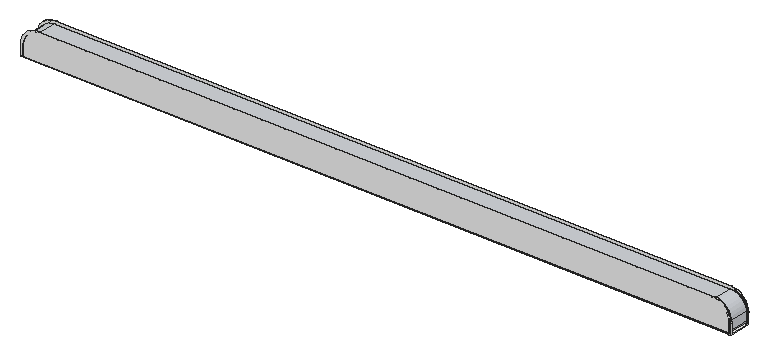
Revit family "BWY", category Lighting Fixtures, host Face, Revit 2023
Family settings
  Host = Face
  Round Connector Dimension = Use Diameter
  Part Type = Normal
  OmniClass Number = 23.80.70.11.14.11
  OmniClass Title = Downlights
  Cut with Voids When Loaded = No
  Light Source = Yes
  Maintain Annotation Orientation = No
  Shared = No
  Room Calculation Point = No
Parameters (values of type "BWY4-P72-LED840K10LFUNV")
  Width = 0' - 2"
  Wattage = 45 W
  built-in parameter 1150110 = 1 (stored number, unit not read)
  Voltage = 120 V
  URL = "https://viscor.com/products/beamway"
  built-in parameter 1114217 = 0.9 (stored number, unit not read)
  Tilt Angle = -90.00°
  built-in parameter 1150109 = 1 (stored number, unit not read)
  built-in parameter 1150134 = 12
  built-in parameter 1150113 = 1 (stored number, unit not read)
  Photometric Web File = "BWY4-P72-LED840K010LFUNV.ies"
  Model = "BWY"  # constant formula
  Manufacturer = "Visioneering By Viscor"  # constant formula
  built-in parameter 1150105 = 482.72 (stored number, unit not read)
  Lumens = 6066 lm
  built-in parameter 1150115 = 1 (stored number, unit not read)
  built-in parameter 1150137 = (empty or 0)
  built-in parameter 1150139 = (empty or 0)
  Lens Finish = Frosted Acrylic Lens
  Length = 5' - 6 1/4"
  Lamp Wattage = 45 VA
  built-in parameter 1150112 = 1 (stored number, unit not read)
  built-in parameter 1150114 = 1 (stored number, unit not read)
  Lamp = "LED"
  built-in parameter 1150132 = (empty or 0)
  built-in parameter 1150102 = (empty or 0)
  built-in parameter 1150107 = 4000 (stored number, unit not read)
  built-in parameter 1150138 = (empty or 0)
  built-in parameter 1150106 = 4.8272 (stored number, unit not read)
  Housing Finish = Metal - Viscor - White
  Emit from Line Length = Length  # 5' - 6 1/4"
  built-in parameter 1150104 = 12.523 (stored number, unit not read)
  Dimming Lamp Color Temperature Shift = <None>
  Description = "Suspended Architectual Linear luminaire"  # constant formula
  Default Elevation = 4' - 0"
  Color Filter = 16777215
  built-in parameter 1114218 = 1 (stored number, unit not read)
  built-in parameter 1150133 = 10 (stored number, unit not read)
  Assembly Code = ""
  Apparent Load = Lamp Wattage  # 45 VA
Types (19): name | Width | Wattage | Photometric Web File | built-in parameter 1150105 | Lumens | Length | Lamp Wattage | built-in parameter 1150106 | Emit from Line Length | built-in parameter 1150104 | Apparent Load
  (no name) | 0' - 2" | 45 W | "BWY4-P72-LED840K010LFUNV.ies" | 482.72 (stored number, unit not read) | 6066 lm | 5' - 6 1/4" | 45 VA | 4.8272 (stored number, unit not read) | 5' - 6 1/4" | 12.523 (stored number, unit not read) | 45 VA
  BWY2-P48-LED840K04LFUNV | 0' - 2" | 13.9 W | "BWY2-P48-LED840K04LFUNV.ies" | 130.52 (stored number, unit not read) | 1640.2 lm | 3' - 8 1/4" | 13.9 VA | 1.3052 (stored number, unit not read) | 3' - 8 1/4" | 10.963 (stored number, unit not read) | 13.9 VA
  BWY2-P48-LED840K10LFUNV | 0' - 2" | 34.1 W | "BWY2-P48-LED840K010LFUNV.ies" | 321.02 (stored number, unit not read) | 4034.03 lm | 3' - 8 1/4" | 34.1 VA | 3.2102 (stored number, unit not read) | 3' - 8 1/4" | 10.99 (stored number, unit not read) | 34.1 VA
  BWY2-P24-LED840K04LFUNV | 0' - 2" | 7.1 W | "BWY2-P24-LED840K04LFUNV.ies" | 67.009 (stored number, unit not read) | 842.06 lm | 1' - 10 1/4" | 7.1 VA | 0.67009 (stored number, unit not read) | 1' - 10 1/4" | 11.018 (stored number, unit not read) | 7.1 VA
  BWY2-P24-LED840K10LFUNV | 0' - 2" | 17.3 W | "BWY2-P24-LED840K10LFUNV.ies" | 162.31 (stored number, unit not read) | 2039.67 lm | 1' - 10 1/4" | 17.3 VA | 1.6231 (stored number, unit not read) | 1' - 10 1/4" | 10.953 (stored number, unit not read) | 17.3 VA
  BWY2-P72-LED840K10LFUNV | 0' - 2" | 51 W | "BWY2-P72-LED840K10LFUNV.ies" | 479.71 (stored number, unit not read) | 6028.2 lm | 5' - 6 1/4" | 51 VA | 4.7971 (stored number, unit not read) | 5' - 6 1/4" | 10.981 (stored number, unit not read) | 51 VA
  BWY2-P72-LED840K04LFUNV | 0' - 2" | 20.6 W | "BWY2-P72-LED840K04LFUNV.ies" | 194.09 (stored number, unit not read) | 2439.04 lm | 5' - 6 1/4" | 20.6 VA | 1.9409 (stored number, unit not read) | 5' - 6 1/4" | 11 (stored number, unit not read) | 20.6 VA
  BWY3-P24-LED840K04LFUNV | 0' - 3" | 6.3 W | "BWY3-P24-LED840K04LFUNV.ies" | 65.826 (stored number, unit not read) | 827.19 lm | 1' - 10 1/4" | 6.3 VA | 0.65826 (stored number, unit not read) | 1' - 10 1/4" | 12.198 (stored number, unit not read) | 6.3 VA
  BWY4-P24-LED840K04LFUNV | 0' - 4" | 6 W | "BWY4-P24-LED840K04LFUNV.ies" | 66.654 (stored number, unit not read) | 837.6 lm | 1' - 10 1/4" | 6 VA | 0.66654 (stored number, unit not read) | 1' - 10 1/4" | 12.969 (stored number, unit not read) | 6 VA
  BWY3-P24-LED840K10LFUNV | 0' - 3" | 15.8 W | "BWY3-P24-LED840K10LFUNV.ies" | 162.57 (stored number, unit not read) | 2042.94 lm | 1' - 10 1/4" | 15.8 VA | 1.6257 (stored number, unit not read) | 1' - 10 1/4" | 12.012 (stored number, unit not read) | 15.8 VA
  BWY4-P24-LED840K10LFUNV | 0' - 4" | 15 W | "BWY4-P24-LED840K10LFUNV.ies" | 160.91 (stored number, unit not read) | 2022 lm | 1' - 10 1/4" | 15 VA | 1.6091 (stored number, unit not read) | 1' - 10 1/4" | 12.523 (stored number, unit not read) | 15 VA
  BWY3-P48-LED840K04LFUNV | 0' - 2" | 12.4 W | "BWY3-P48-LED840K04LFUNV.ies" | 127.79 (stored number, unit not read) | 1605.8 lm | 3' - 8 1/4" | 12.4 VA | 1.2779 (stored number, unit not read) | 3' - 8 1/4" | 12.031 (stored number, unit not read) | 12.4 VA
  BWY3-P48-LED840K10LFUNV | 0' - 2" | 31.1 W | "BWY3-P48-LED840K010LFUNV.ies" | 321.48 (stored number, unit not read) | 4039.89 lm | 3' - 8 1/4" | 31.1 VA | 3.2148 (stored number, unit not read) | 3' - 8 1/4" | 12.068 (stored number, unit not read) | 31.1 VA
  BWY3-P72-LED840K04LFUNV | 0' - 2" | 18.8 W | "BWY3-P72-LED840K04LFUNV.ies" | 193.59 (stored number, unit not read) | 2432.72 lm | 5' - 6 1/4" | 18.8 VA | 1.9359 (stored number, unit not read) | 5' - 6 1/4" | 12.022 (stored number, unit not read) | 18.8 VA
  BWY3-P72-LED840K10LFUNV | 0' - 2" | 46.5 W | "BWY3-P72-LED840K10LFUNV.ies" | 480.31 (stored number, unit not read) | 6035.7 lm | 5' - 6 1/4" | 46.5 VA | 4.8031 (stored number, unit not read) | 5' - 6 1/4" | 12.059 (stored number, unit not read) | 46.5 VA
  BWY4-P48-LED840K04LFUNV | 0' - 2" | 12 W | "BWY4-P48-LED840K04LFUNV.ies" | 128.82 (stored number, unit not read) | 1618.8 lm | 3' - 8 1/4" | 12 VA | 1.2882 (stored number, unit not read) | 3' - 8 1/4" | 12.533 (stored number, unit not read) | 12 VA
  BWY4-P48-LED840K10LFUNV | 0' - 2" | 30 W | "BWY4-P48-LED840K10LFUNV.ies" | 321.81 (stored number, unit not read) | 4044 lm | 3' - 8 1/4" | 30 VA | 3.2181 (stored number, unit not read) | 3' - 8 1/4" | 12.523 (stored number, unit not read) | 30 VA
  BWY4-P72-LED840K04LFUNV | 0' - 2" | 18 W | "BWY4-P72-LED840K04LFUNV.ies" | 193.09 (stored number, unit not read) | 2426.4 lm | 5' - 6 1/4" | 18 VA | 1.9309 (stored number, unit not read) | 5' - 6 1/4" | 12.523 (stored number, unit not read) | 18 VA
  BWY4-P72-LED840K10LFUNV | 0' - 2" | 45 W | "BWY4-P72-LED840K010LFUNV.ies" | 482.72 (stored number, unit not read) | 6066 lm | 5' - 6 1/4" | 45 VA | 4.8272 (stored number, unit not read) | 5' - 6 1/4" | 12.523 (stored number, unit not read) | 45 VA
Reference planes (in)
  plane 1 "Center (Front/Back)": y = 0
  plane 2: z = 0
  plane 3 "Center (Left/Right)": x = 0
  plane 4: y = 1
  plane 5: y = -1
  plane 6 "Left": x = -33.125
  plane 7 "Right": x = 33.125
  plane 8: x = -32.915
  plane 9: x = 32.915
  plane 10: y = 0.96875
  plane 11: y = -0.96875
Forms (in)
  Extrusion 1, solid, material "Metal - Viscor - White" <- "Housing Finish"
    sketch origin (0, 0, 0) x (0, 1, 0) y (0, 0, 1)
      loop
        line (1, 0.069) -> (1, 2.625) -> (0.96875, 2.625) -> (0.96875, 0.069)
        arc (0.96875, 0.069) -> (0.95769, 0.04231) -> (0.931, 0.03125) r 0.03775
        line (0.931, 0.03125) -> (-0.931, 0.03125)
        arc (-0.931, 0.03125) -> (-0.95769, 0.04231) -> (-0.96875, 0.069) r 0.03775
        line (-0.96875, 0.069) -> (-0.96875, 2.625) -> (-1, 2.625) -> (-1, 0.069)
        arc (-1, 0.069) -> (-0.97979, 0.02021) -> (-0.931, 0) r 0.069
        line (-0.931, 0) -> (0.931, 0)
        arc (0.931, 0) -> (0.97979, 0.02021) -> (1, 0.069) r 0.069
    from -33.125 to 33.125
  Extrusion 2, solid
    sketch origin (0, 0, 0) x (1, 0, 0) y (0, 0, 1)
      loop
        line (-32.125, 0.06) -> (-32.125, 0.09906) -> (-32.836, 0.09906)
        arc (-32.836, 0.09906) -> (-32.86424, 0.11076) -> (-32.87594, 0.139) r 0.03994
        line (-32.87594, 0.139) -> (-32.87594, 1)
        arc (-32.87594, 1) -> (-32.47293, 1.97293) -> (-31.5, 2.37594) r 1.37594
        line (-31.5, 2.37594) -> (31.5, 2.37594)
        arc (31.5, 2.37594) -> (32.47293, 1.97293) -> (32.87594, 1) r 1.37594
        line (32.87594, 1) -> (32.87594, 0.139)
        arc (32.87594, 0.139) -> (32.86424, 0.11076) -> (32.836, 0.09906) r 0.03994
        line (32.836, 0.09906) -> (32.125, 0.09906) -> (32.125, 0.06) -> (32.836, 0.06)
        arc (32.836, 0.06) -> (32.89186, 0.08314) -> (32.915, 0.139) r 0.079
        line (32.915, 0.139) -> (32.915, 1)
        arc (32.915, 1) -> (32.50056, 2.00056) -> (31.5, 2.415) r 1.415
        line (31.5, 2.415) -> (-31.5, 2.415)
        arc (-31.5, 2.415) -> (-32.50056, 2.00056) -> (-32.915, 1) r 1.415
        line (-32.915, 1) -> (-32.915, 0.139)
        arc (-32.915, 0.139) -> (-32.89186, 0.08314) -> (-32.836, 0.06) r 0.079
        line (-32.836, 0.06) -> (-32.125, 0.06)
    from -0.96875 to 0.96875
  Extrusion 3, void
    sketch origin (0, 0, 0) x (1, 0, 0) y (0, 0, 1)
      loop
        line (-31.5, 2.625) -> (-33.125, 2.625) -> (-33.125, 1)
        arc (-33.125, 1) -> (-32.64905, 2.14905) -> (-31.5, 2.625) r 1.625
    from 3.1121 to -3.10638
  Extrusion 4, void
    sketch origin (0, 0, 0) x (-1, 0, 0) y (0, 0, -1)
      loop
        arc (-31.5, -2.625) -> (-32.64905, -2.14905) -> (-33.125, -1) r 1.625
        line (-33.125, -1) -> (-33.125, -2.625) -> (-31.5, -2.625)
    from 3.1121 to -3.10638
Cuts and joins
  Extrusion 3, Extrusion 4 cuts Extrusion 1
Dimensions and locks (in)
  equal spacing: plane 6 "Left", plane 3 "Center (Left/Right)", plane 7 "Right"
  "Length": plane 6 "Left" to plane 7 "Right"
  equal spacing: plane 4, plane 1 "Center (Front/Back)", plane 5
  "Width": plane 4 to plane 5
  locked: plane 8 to plane 6 "Left" at 0.21
  locked: plane 9 to plane 7 "Right" at 0.21
  plane 4 to plane 10 to plane 1 "Center (Front/Back)" = 0' - 0 1/32" locked, 0' - 0 31/32"
  plane 5 to plane 11 to Extrusion 1 = 0' - 0 1/32" locked, 0' - 1 15/16"
  aligned and locked: plane 2 to host face
  aligned and locked: level to host face
  aligned and locked: Extrusion 1 to plane 6 "Left"
  aligned and locked: plane 7 "Right" to Extrusion 1
  aligned and locked: Extrusion 2 to plane 10
  aligned and locked: Extrusion 2 to plane 11
Automatic sketch dimensions
  host sketch curve to host sketch curve = 8' - 0"  (x2)
  Extrusion 1 sketch curve to Extrusion 1 sketch curve = 0' - 0"  (x5)
  Extrusion 1 sketch curve to plane 5 = 0' - 0"
  Extrusion 1 sketch curve to plane 11 = 0' - 0"
  Extrusion 1 sketch curve to level = 0' - 0"
  Extrusion 1 sketch curve to plane 10 = 0' - 0"
  Extrusion 1 sketch curve to Extrusion 1 sketch curve = 0' - 0.03775"
  Extrusion 1 sketch curve to plane 10 = 0' - 0.03775"
  Extrusion 1 sketch curve to Extrusion 1 sketch curve = 0' - 2.556"
  Extrusion 2 sketch curve to Extrusion 2 sketch curve = 0' - 0"  (x8)
  Extrusion 2 sketch curve to plane 8 = 0' - 0"
  Extrusion 2 sketch curve to plane 9 = 0' - 0"
  plane 8 to Extrusion 2 sketch curve = 0' - 0 5/128"
  Extrusion 2 sketch curve to Extrusion 2 sketch curve = 0' - 0.03994"  (x2)
  level to Extrusion 2 sketch curve = 0' - 0.06"  (x2)
  Extrusion 2 sketch curve to Extrusion 2 sketch curve = 0' - 0.711"
  Extrusion 2 sketch curve to Extrusion 2 sketch curve = 0' - 0 5/8"
  Extrusion 2 sketch curve to Extrusion 2 sketch curve = 0' - 1.37594"
  Extrusion 2 sketch curve to Extrusion 2 sketch curve = 0' - 0.75094"
  Extrusion 2 sketch curve to Extrusion 2 sketch curve = 0' - 0.861"
  Extrusion 3 sketch curve to plane 6 "Left" = 0' - 0"  (x2)
  plane 8 to Extrusion 3 sketch curve = 0' - 1.415"
  level to Extrusion 3 sketch curve = 0' - 1"
  Extrusion 3 sketch curve to Extrusion 3 sketch curve = 0' - 0"  (x3)
  Extrusion 4 sketch curve to plane 7 "Right" = 0' - 0"  (x2)
  Extrusion 4 sketch curve to plane 9 = 0' - 1.415"
  level to Extrusion 4 sketch curve = 0' - 2 5/8"
  level to Extrusion 4 sketch curve = 0' - 1"
  Extrusion 4 sketch curve to Extrusion 4 sketch curve = 0' - 0"  (x2)
